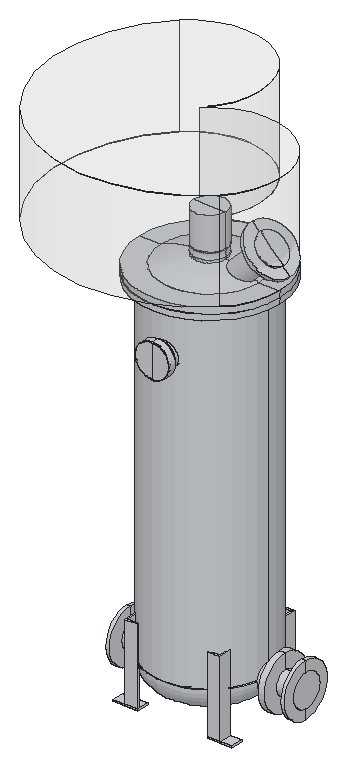
Revit family "Aquarevival_BSG20T", category Mechanical Equipment, Revit 2018
Family settings
  Round Connector Dimension = Use Diameter
  Part Type = Normal
  OmniClass Number = 23.75.00.00
  OmniClass Title = Climate Control (HVAC)
  Work Plane-Based = No
  Always vertical = Yes
  Cut with Voids When Loaded = No
  Shared = No
  Room Calculation Point = No
Parameters
  Panel Location (0-4) [instance] = 0
  Panel 4 [instance] = [Panel Location (0-4)] = 4  # no
  Panel 3 [instance] = [Panel Location (0-4)] = 3  # no
  Panel 2 [instance] = [Panel Location (0-4)] = 2  # no
  Panel 1 [instance] = not(or([Panel Location (0-4)] = 2, [Panel Location (0-4)] = 3, [Panel Location (0-4)] = 4, [Panel Location (0-4)] = 0))  # no
  Outlet = 0' - 4"
  Model = "BSG20T"
  Manufacturer = "Aqua Revival LLC"
  Keynote = ""
  Inlet = 0' - 4"
  Filter Discharge Rotation [instance] = 0.00°
  Filter Clearance Rotation [instance] = 0.00°
  Drain = 0' - 4"
  Description = "Regenerative Media Filter"
Reference planes (in)
  plane 1 "Center (Front/Back)": y = 0
  plane 2: z = 0
  plane 3 "Center (Left/Right)": x = 0
  plane 4: x = -10
Forms (in)
  Revolve 1, solid
    sketch origin (0, 0, 12) x (1, 0, 0) y (0, 0, 1)
      loop
        line (0, -10.57214) -> (0, 63.87048) -> (-2.75, 63.87048) -> (-2.75, 58.30798) -> (-2.75, 58.09977)
        arc (-2.75, 58.09977) -> (-2.69297, 57.55841) -> (-2.75, 57.01705) r 2.59779
        line (-2.75, 57.01705) -> (-2.75, 56.65019)
        arc (-2.75, 56.65019) -> (-5.62349, 56.03931) -> (-8.37789, 55.01786) r 20.1875
        line (-8.37789, 55.01786) -> (-12, 55.01786) -> (-12, 54.01786) -> (-11.69469, 54.01786) -> (-11.69469, 53.95536) -> (-12, 53.95536) -> (-12, 53.01786) -> (-10, 53.01786) -> (-10, -4.4293) -> (-9.9119, -4.48214) -> (-10, -4.56964)
        arc (-10, -4.56964) -> (-9.34415, -6.87456) -> (-7.55473, -8.46854) r 4.29186
        arc (-7.55473, -8.46854) -> (-3.89672, -9.94897) -> (0, -10.57214) r 17.5
      axis (0, 63.87048) -> (0, -10.57214)
    angle from 0 to 360
  Revolve 2, solid
    sketch origin (0, 0, 0) x (1, 0, 0) y (0, 0, 1)
      loop
        line (-14.12767, 5.39286) -> (0, 5.39286) -> (0, 7.39286) -> (-13.53767, 7.39286) -> (-13.53767, 9.89286) -> (-14.12767, 9.89286) -> (-14.12767, 5.39286)
      axis (-14.12767, 5.39286) -> (0, 5.39286)
    angle from 0 to 360
  Extrusion 3, solid
    sketch origin (0, 0, 0) x (0, 1, 0) y (0, 0, 1)
      loop
        circle (0, 5.39286) r 2.75
    from -14.26766 to -14.12767
  Revolve 4, solid
    sketch origin (0, 0, 0) x (1, 0, 0) y (0, 0, 1)
      loop
        line (16.36261, 7.51786) -> (16.36261, 12.01786) -> (15.77261, 12.01786) -> (15.77261, 9.51786) -> (12.89985, 9.51786) -> (12.89985, 12.01786) -> (11.89985, 12.01786) -> (11.89985, 9.76644) -> (7.96565, 9.76644) -> (7.96565, 7.51786) -> (16.36261, 7.51786)
      axis (16.36261, 7.51786) -> (7.96565, 7.51786)
    angle from 0 to 360
  Extrusion 5, solid
    sketch origin (0, 0, 0) x (0, 1, 0) y (0, 0, 1)
      loop
        circle (0, 7.51786) r 2.75
    from 16.36261 to 16.50261
  Revolve 6, solid
    sketch origin (0.02056, -52.99083, 12) x (0, 1, 0) y (0, 0, 1)
      loop
        line (40.62187, 45.49946) -> (44.12187, 45.49946) -> (44.12187, 47.76786) -> (42.49057, 47.76786) -> (42.39687, 47.86156) -> (42.39687, 48.01786) -> (41.87187, 48.01786) -> (41.87187, 48.41208) -> (40.71557, 48.41208) -> (40.62187, 48.31823) -> (40.62187, 45.49946)
      axis (40.62187, 45.49946) -> (44.12187, 45.49946)
    angle from 0 to 360
  Extrusion 7, solid
    sketch origin (0, 0, 0) x (1, 0, 0) y (0, 1, 0)
      loop
        line (-10.14172, 7.99172) -> (-10.14172, 5.83547) -> (-5.98547, 5.83547) -> (-5.98547, 7.99172) -> (-10.14172, 7.99172)
      loop
        line (5.98547, 7.99172) -> (5.98547, 5.83547) -> (10.14172, 5.83547) -> (10.14172, 7.99172) -> (5.98547, 7.99172)
      loop
        line (-10.14172, -5.83547) -> (-10.14172, -7.99172) -> (-5.98547, -7.99172) -> (-5.98547, -5.83547) -> (-10.14172, -5.83547)
      loop
        line (5.98547, -5.83547) -> (5.98547, -7.99172) -> (10.14172, -7.99172) -> (10.14172, -5.83547) -> (5.98547, -5.83547)
    from 0 to 0.25
  Extrusion 8, solid
    sketch origin (0, 0, 0) x (1, 0, 0) y (0, 1, 0)
      loop
        line (-5.99172, 7.99172) -> (-8.0636, 7.99172) -> (-8.0636, 5.83547) -> (-7.8136, 5.83547) -> (-7.8136, 7.74172) -> (-5.99172, 7.74172) -> (-5.99172, 7.99172)
      loop
        line (5.99172, 7.99172) -> (5.99172, 7.74172) -> (7.8136, 7.74172) -> (7.8136, 5.83547) -> (8.0636, 5.83547) -> (8.0636, 7.99172) -> (5.99172, 7.99172)
      loop
        line (-5.99172, -7.99172) -> (-5.99172, -7.74172) -> (-7.8136, -7.74172) -> (-7.8136, -5.83547) -> (-8.0636, -5.83547) -> (-8.0636, -7.99172) -> (-5.99172, -7.99172)
      loop
        line (5.99172, -7.99172) -> (8.0636, -7.99172) -> (8.0636, -5.83547) -> (7.8136, -5.83547) -> (7.8136, -7.74172) -> (5.99172, -7.74172) -> (5.99172, -7.99172)
    from 0 to 13.25
  Extrusion 9, solid, visible <- "Panel 1"
    sketch origin (0, 0, 12) x (1, 0, 0) y (0, 1, 0)
      loop
        line (-26.32299, -12.86214) -> (-26.32299, -13.11014) -> (-27.35099, -13.11014) -> (-27.35099, -13.77514)
        arc (-27.35099, -13.77514) -> (-27.30413, -13.88828) -> (-27.19099, -13.93514) r 0.16
        line (-27.19099, -13.93514) -> (-11.87099, -13.93514)
        arc (-11.87099, -13.93514) -> (-11.76846, -13.89267) -> (-11.72599, -13.79014) r 0.145
        line (-11.72599, -13.79014) -> (-11.72599, -13.11014) -> (-12.65099, -13.11014) -> (-12.65099, -12.86215) -> (-11.62098, -12.86215)
        arc (-11.62098, -12.86215) -> (-11.51852, -12.81975) -> (-11.47597, -12.71735) r 0.14501
        line (-11.47597, -12.71735) -> (-11.47597, -7.00721)
        arc (-11.47597, -7.00721) -> (-11.51845, -6.90466) -> (-11.62101, -6.86218) r 0.14504
        line (-11.62101, -6.86218) -> (-27.331, -6.86218)
        arc (-27.331, -6.86218) -> (-27.43352, -6.90464) -> (-27.47598, -7.00716) r 0.14498
        line (-27.47598, -7.00716) -> (-27.47598, -12.71714)
        arc (-27.47598, -12.71714) -> (-27.43351, -12.81967) -> (-27.33099, -12.86214) r 0.145
        line (-27.33099, -12.86214) -> (-26.32299, -12.86214)
    from 35.1762 to 51.1012
  Extrusion 10, solid, visible <- "Panel 1"
    sketch origin (0, 0, 12) x (1, 0, 0) y (0, 1, 0)
      loop
        line (-27.47599, -5.8444) -> (-27.47599, -6.86218) -> (-7.27396, -6.86218)
        arc (-7.27396, -6.86218) -> (-9.12609, -4.08834) -> (-9.96298, -0.85968) r 10
        line (-9.96298, -0.85968) -> (-27.47599, -5.8444)
    from 50.9012 to 51.1012
  Extrusion 11, solid, visible <- "Panel 1"
    sketch origin (0, 0, 12) x (0, 1, 0) y (0, 0, 1)
      loop
        line (-6.86218, 50.9012) -> (-6.86218, 49.53074) -> (-6.61218, 49.53074) -> (-6.61218, 50.9012) -> (-6.86218, 50.9012)
    from -27.47599 to -7.27396
  Extrusion 12, solid, visible <- "Panel 1"
    sketch origin (0, 0, 98.2774) x (0, -1, 0) y (-1, 0, 0)
      loop
        line (5.8444, 27.47599) -> (0.85968, 9.96298)
        arc (0.85968, 9.96298) -> (4.08834, 9.12609) -> (6.86218, 7.27396) r 10
        line (6.86218, 7.27396) -> (6.86218, 27.47599) -> (5.8444, 27.47599)
    from 50.9012 to 51.1012
  Extrusion 13, solid, visible <- "Panel 1"
    sketch origin (0, 0, 98.2774) x (0, 1, 0) y (0, 0, 1)
      loop
        line (-6.86218, -50.9012) -> (-6.61218, -50.9012) -> (-6.61218, -49.53074) -> (-6.86218, -49.53074) -> (-6.86218, -50.9012)
    from -27.47599 to -7.27396
  Revolve 14, solid, visible <- "Panel 1"
    sketch origin (-19.50206, -61.73911, 12) x (0, -1, 0) y (0, 0, 1)
      loop
        line (-45.98085, 39.52627) -> (-45.98085, 40.27627)
        arc (-45.98085, 40.27627) -> (-46.1273, 40.62983) -> (-46.48085, 40.77627) r 0.5
        line (-46.48085, 40.77627) -> (-46.60585, 40.77627) -> (-46.60585, 40.02627) -> (-47.35585, 40.02627) -> (-47.35585, 40.10855) -> (-47.60585, 40.10855) -> (-47.60585, 39.52627) -> (-45.98085, 39.52627)
      axis (-47.60585, 39.52627) -> (-45.98085, 39.52627)
    angle from 0 to 360
  Extrusion 15, solid, visible <- "Panel 2"
    sketch origin (0, 0, 12) x (-1, 0, 0) y (0, -1, 0)
      loop
        line (-26.32299, 12.86214) -> (-27.33099, 12.86214)
        arc (-27.33099, 12.86214) -> (-27.43351, 12.81967) -> (-27.47598, 12.71714) r 0.145
        line (-27.47598, 12.71714) -> (-27.47598, 7.00716)
        arc (-27.47598, 7.00716) -> (-27.43352, 6.90464) -> (-27.331, 6.86218) r 0.14498
        line (-27.331, 6.86218) -> (-11.62101, 6.86218)
        arc (-11.62101, 6.86218) -> (-11.51845, 6.90466) -> (-11.47597, 7.00721) r 0.14504
        line (-11.47597, 7.00721) -> (-11.47597, 12.71735)
        arc (-11.47597, 12.71735) -> (-11.51852, 12.81975) -> (-11.62098, 12.86215) r 0.14501
        line (-11.62098, 12.86215) -> (-12.65099, 12.86215) -> (-12.65099, 13.11014) -> (-11.72599, 13.11014) -> (-11.72599, 13.79014)
        arc (-11.72599, 13.79014) -> (-11.76846, 13.89267) -> (-11.87099, 13.93514) r 0.145
        line (-11.87099, 13.93514) -> (-27.19099, 13.93514)
        arc (-27.19099, 13.93514) -> (-27.30413, 13.88828) -> (-27.35099, 13.77514) r 0.16
        line (-27.35099, 13.77514) -> (-27.35099, 13.11014) -> (-26.32299, 13.11014) -> (-26.32299, 12.86214)
    from 35.1762 to 51.1012
  Extrusion 16, solid, visible <- "Panel 2"
    sketch origin (0, 0, 12) x (-1, 0, 0) y (0, -1, 0)
      loop
        line (-27.47599, 5.8444) -> (-9.96298, 0.85968)
        arc (-9.96298, 0.85968) -> (-9.12609, 4.08834) -> (-7.27396, 6.86218) r 10
        line (-7.27396, 6.86218) -> (-27.47599, 6.86218) -> (-27.47599, 5.8444)
    from 50.9012 to 51.1012
  Extrusion 17, solid, visible <- "Panel 2"
    sketch origin (0, 0, 12) x (0, 1, 0) y (0, 0, -1)
      loop
        line (-6.86218, -50.9012) -> (-6.61218, -50.9012) -> (-6.61218, -49.53074) -> (-6.86218, -49.53074) -> (-6.86218, -50.9012)
    from -27.47599 to -7.27396
  Extrusion 18, solid, visible <- "Panel 2"
    sketch origin (0, 0, 98.2774) x (0, 1, 0) y (1, 0, 0)
      loop
        line (-5.8444, 27.47599) -> (-6.86218, 27.47599) -> (-6.86218, 7.27396)
        arc (-6.86218, 7.27396) -> (-4.08834, 9.12609) -> (-0.85968, 9.96298) r 10
        line (-0.85968, 9.96298) -> (-5.8444, 27.47599)
    from 50.9012 to 51.1012
  Extrusion 19, solid, visible <- "Panel 2"
    sketch origin (0, 0, 98.2774) x (0, 1, 0) y (0, 0, -1)
      loop
        line (-6.86218, 50.9012) -> (-6.86218, 49.53074) -> (-6.61218, 49.53074) -> (-6.61218, 50.9012) -> (-6.86218, 50.9012)
    from -27.47599 to -7.27396
  Revolve 20, solid, visible <- "Panel 2"
    sketch origin (19.50206, -61.73911, 12) x (0, -1, 0) y (0, 0, -1)
      loop
        line (-45.98085, -39.52627) -> (-47.60585, -39.52627) -> (-47.60585, -40.10855) -> (-47.35585, -40.10855) -> (-47.35585, -40.02627) -> (-46.60585, -40.02627) -> (-46.60585, -40.77627) -> (-46.48085, -40.77627)
        arc (-46.48085, -40.77627) -> (-46.1273, -40.62983) -> (-45.98085, -40.27627) r 0.5
        line (-45.98085, -40.27627) -> (-45.98085, -39.52627)
      axis (-47.60585, -39.52627) -> (-45.98085, -39.52627)
    angle from 0 to 360
  Extrusion 21, solid, visible <- "Panel 4"
    sketch origin (0, 0, 12) x (1, 0, 0) y (0, 1, 0)
      loop
        line (-26.32299, 12.86214) -> (-27.33099, 12.86214)
        arc (-27.33099, 12.86214) -> (-27.43351, 12.81967) -> (-27.47598, 12.71714) r 0.145
        line (-27.47598, 12.71714) -> (-27.47598, 7.00716)
        arc (-27.47598, 7.00716) -> (-27.43352, 6.90464) -> (-27.331, 6.86218) r 0.14498
        line (-27.331, 6.86218) -> (-11.62101, 6.86218)
        arc (-11.62101, 6.86218) -> (-11.51845, 6.90466) -> (-11.47597, 7.00721) r 0.14504
        line (-11.47597, 7.00721) -> (-11.47597, 12.71735)
        arc (-11.47597, 12.71735) -> (-11.51852, 12.81975) -> (-11.62098, 12.86215) r 0.14501
        line (-11.62098, 12.86215) -> (-12.65099, 12.86215) -> (-12.65099, 13.11014) -> (-11.72599, 13.11014) -> (-11.72599, 13.79014)
        arc (-11.72599, 13.79014) -> (-11.76846, 13.89267) -> (-11.87099, 13.93514) r 0.145
        line (-11.87099, 13.93514) -> (-27.19099, 13.93514)
        arc (-27.19099, 13.93514) -> (-27.30413, 13.88828) -> (-27.35099, 13.77514) r 0.16
        line (-27.35099, 13.77514) -> (-27.35099, 13.11014) -> (-26.32299, 13.11014) -> (-26.32299, 12.86214)
    from 35.1762 to 51.1012
  Extrusion 22, solid, visible <- "Panel 4"
    sketch origin (0, 0, 12) x (1, 0, 0) y (0, 1, 0)
      loop
        line (-27.47599, 5.8444) -> (-9.96298, 0.85968)
        arc (-9.96298, 0.85968) -> (-9.12609, 4.08834) -> (-7.27396, 6.86218) r 10
        line (-7.27396, 6.86218) -> (-27.47599, 6.86218) -> (-27.47599, 5.8444)
    from 50.9012 to 51.1012
  Extrusion 23, solid, visible <- "Panel 4"
    sketch origin (0, 0, 12) x (0, -1, 0) y (0, 0, -1)
      loop
        line (-6.86218, -50.9012) -> (-6.61218, -50.9012) -> (-6.61218, -49.53074) -> (-6.86218, -49.53074) -> (-6.86218, -50.9012)
    from -27.47599 to -7.27396
  Extrusion 24, solid, visible <- "Panel 4"
    sketch origin (0, 0, 98.2774) x (0, -1, 0) y (-1, 0, 0)
      loop
        line (-5.8444, 27.47599) -> (-6.86218, 27.47599) -> (-6.86218, 7.27396)
        arc (-6.86218, 7.27396) -> (-4.08834, 9.12609) -> (-0.85968, 9.96298) r 10
        line (-0.85968, 9.96298) -> (-5.8444, 27.47599)
    from 50.9012 to 51.1012
  Extrusion 25, solid, visible <- "Panel 4"
    sketch origin (0, 0, 98.2774) x (0, -1, 0) y (0, 0, -1)
      loop
        line (-6.86218, 50.9012) -> (-6.86218, 49.53074) -> (-6.61218, 49.53074) -> (-6.61218, 50.9012) -> (-6.86218, 50.9012)
    from -27.47599 to -7.27396
  Revolve 26, solid, visible <- "Panel 4"
    sketch origin (-19.50206, 61.73911, 12) x (0, 1, 0) y (0, 0, -1)
      loop
        line (-45.98085, -39.52627) -> (-47.60585, -39.52627) -> (-47.60585, -40.10855) -> (-47.35585, -40.10855) -> (-47.35585, -40.02627) -> (-46.60585, -40.02627) -> (-46.60585, -40.77627) -> (-46.48085, -40.77627)
        arc (-46.48085, -40.77627) -> (-46.1273, -40.62983) -> (-45.98085, -40.27627) r 0.5
        line (-45.98085, -40.27627) -> (-45.98085, -39.52627)
      axis (-47.60585, -39.52627) -> (-45.98085, -39.52627)
    angle from 0 to 360
  Extrusion 27, solid, visible <- "Panel 3"
    sketch origin (0, 0, 12) x (-1, 0, 0) y (0, -1, 0)
      loop
        line (-26.32299, -12.86214) -> (-26.32299, -13.11014) -> (-27.35099, -13.11014) -> (-27.35099, -13.77514)
        arc (-27.35099, -13.77514) -> (-27.30413, -13.88828) -> (-27.19099, -13.93514) r 0.16
        line (-27.19099, -13.93514) -> (-11.87099, -13.93514)
        arc (-11.87099, -13.93514) -> (-11.76846, -13.89267) -> (-11.72599, -13.79014) r 0.145
        line (-11.72599, -13.79014) -> (-11.72599, -13.11014) -> (-12.65099, -13.11014) -> (-12.65099, -12.86215) -> (-11.62098, -12.86215)
        arc (-11.62098, -12.86215) -> (-11.51852, -12.81975) -> (-11.47597, -12.71735) r 0.14501
        line (-11.47597, -12.71735) -> (-11.47597, -7.00721)
        arc (-11.47597, -7.00721) -> (-11.51845, -6.90466) -> (-11.62101, -6.86218) r 0.14504
        line (-11.62101, -6.86218) -> (-27.331, -6.86218)
        arc (-27.331, -6.86218) -> (-27.43352, -6.90464) -> (-27.47598, -7.00716) r 0.14498
        line (-27.47598, -7.00716) -> (-27.47598, -12.71714)
        arc (-27.47598, -12.71714) -> (-27.43351, -12.81967) -> (-27.33099, -12.86214) r 0.145
        line (-27.33099, -12.86214) -> (-26.32299, -12.86214)
    from 35.1762 to 51.1012
  Extrusion 28, solid, visible <- "Panel 3"
    sketch origin (0, 0, 12) x (-1, 0, 0) y (0, -1, 0)
      loop
        line (-27.47599, -5.8444) -> (-27.47599, -6.86218) -> (-7.27396, -6.86218)
        arc (-7.27396, -6.86218) -> (-9.12609, -4.08834) -> (-9.96298, -0.85968) r 10
        line (-9.96298, -0.85968) -> (-27.47599, -5.8444)
    from 50.9012 to 51.1012
  Extrusion 29, solid, visible <- "Panel 3"
    sketch origin (0, 0, 12) x (0, -1, 0) y (0, 0, 1)
      loop
        line (-6.86218, 50.9012) -> (-6.86218, 49.53074) -> (-6.61218, 49.53074) -> (-6.61218, 50.9012) -> (-6.86218, 50.9012)
    from -27.47599 to -7.27396
  Extrusion 30, solid, visible <- "Panel 3"
    sketch origin (0, 0, 98.2774) x (0, 1, 0) y (1, 0, 0)
      loop
        line (5.8444, 27.47599) -> (0.85968, 9.96298)
        arc (0.85968, 9.96298) -> (4.08834, 9.12609) -> (6.86218, 7.27396) r 10
        line (6.86218, 7.27396) -> (6.86218, 27.47599) -> (5.8444, 27.47599)
    from 50.9012 to 51.1012
  Extrusion 31, solid, visible <- "Panel 3"
    sketch origin (0, 0, 98.2774) x (0, -1, 0) y (0, 0, 1)
      loop
        line (-6.86218, -50.9012) -> (-6.61218, -50.9012) -> (-6.61218, -49.53074) -> (-6.86218, -49.53074) -> (-6.86218, -50.9012)
    from -27.47599 to -7.27396
  Revolve 32, solid, visible <- "Panel 3"
    sketch origin (19.50206, 61.73911, 12) x (0, 1, 0) y (0, 0, 1)
      loop
        line (-45.98085, 39.52627) -> (-45.98085, 40.27627)
        arc (-45.98085, 40.27627) -> (-46.1273, 40.62983) -> (-46.48085, 40.77627) r 0.5
        line (-46.48085, 40.77627) -> (-46.60585, 40.77627) -> (-46.60585, 40.02627) -> (-47.35585, 40.02627) -> (-47.35585, 40.10855) -> (-47.60585, 40.10855) -> (-47.60585, 39.52627) -> (-45.98085, 39.52627)
      axis (-47.60585, 39.52627) -> (-45.98085, 39.52627)
    angle from 0 to 360
Cuts and joins
  joined: Revolve 4, Revolve 6
Lines and regions (in)
  reference lines
    curve 1: line (0, 0, 0) -> (19, 0, 0)
    curve 2: line (0, 0, 0) -> (0, 19, 0)
  model lines, visible <- "Panel 1"
    curve 3: line (-24.10438, -13.93514, 60.4586) -> (-15.72613, -13.93514, 60.4586)
    curve 4: line (-24.10438, -13.93514, 54.74134) -> (-24.10438, -13.93514, 60.4586)
    curve 5: line (-15.72613, -13.93514, 54.74134) -> (-24.10438, -13.93514, 54.74134)
    curve 6: line (-15.72613, -13.93514, 60.4586) -> (-15.72613, -13.93514, 54.74134)
    curve 7: line (-16.82471, -13.93514, 55.848) -> (-23.00581, -13.93514, 55.848)
    curve 8: line (-16.82471, -13.93514, 59.35194) -> (-16.82471, -13.93514, 55.848)
    curve 9: line (-23.00581, -13.93514, 59.35194) -> (-16.82471, -13.93514, 59.35194)
    curve 10: line (-23.00581, -13.93514, 55.848) -> (-23.00581, -13.93514, 59.35194)
    curve 11: arc (-13.97829, -13.93514, 55.65008) -> (-14.52947, -13.93514, 55.0989) -> (-13.97829, -13.93514, 54.54772) r 0.55118
    curve 12: arc (-13.97829, -13.93514, 54.54772) -> (-13.42711, -13.93514, 55.0989) -> (-13.97829, -13.93514, 55.65008) r 0.55118
    curve 13: arc (-13.97829, -13.93514, 54.66583) -> (-13.54522, -13.93514, 55.0989) -> (-13.97829, -13.93514, 55.53197) r 0.43307
    curve 14: arc (-13.97829, -13.93514, 55.53197) -> (-14.41136, -13.93514, 55.0989) -> (-13.97829, -13.93514, 54.66583) r 0.43307
    curve 15: arc (-13.97829, -13.93514, 55.42764) -> (-14.30703, -13.93514, 55.0989) -> (-13.97829, -13.93514, 54.77016) r 0.32874
    curve 16: arc (-13.97829, -13.93514, 54.77016) -> (-13.64955, -13.93514, 55.0989) -> (-13.97829, -13.93514, 55.42764) r 0.32874
    curve 17: line (-14.28839, -13.93514, 55.15402) -> (-13.66819, -13.93514, 55.15402)
    curve 18: line (-13.66819, -13.93514, 55.04378) -> (-14.28839, -13.93514, 55.04378)
  model lines, visible <- "Panel 2"
    curve 19: line (24.10438, -13.93514, 60.4586) -> (15.72613, -13.93514, 60.4586)
    curve 20: line (24.10438, -13.93514, 54.74134) -> (24.10438, -13.93514, 60.4586)
    curve 21: line (15.72613, -13.93514, 54.74134) -> (24.10438, -13.93514, 54.74134)
    curve 22: line (15.72613, -13.93514, 60.4586) -> (15.72613, -13.93514, 54.74134)
    curve 23: line (16.82471, -13.93514, 55.848) -> (23.00581, -13.93514, 55.848)
    curve 24: line (16.82471, -13.93514, 59.35194) -> (16.82471, -13.93514, 55.848)
    curve 25: line (23.00581, -13.93514, 59.35194) -> (16.82471, -13.93514, 59.35194)
    curve 26: line (23.00581, -13.93514, 55.848) -> (23.00581, -13.93514, 59.35194)
    curve 27: arc (13.97829, -13.93514, 55.65008) -> (14.52947, -13.93514, 55.0989) -> (13.97829, -13.93514, 54.54772) r 0.55118
    curve 28: arc (13.97829, -13.93514, 54.54772) -> (13.42711, -13.93514, 55.0989) -> (13.97829, -13.93514, 55.65008) r 0.55118
    curve 29: arc (13.97829, -13.93514, 54.66583) -> (13.54522, -13.93514, 55.0989) -> (13.97829, -13.93514, 55.53197) r 0.43307
    curve 30: arc (13.97829, -13.93514, 55.53197) -> (14.41136, -13.93514, 55.0989) -> (13.97829, -13.93514, 54.66583) r 0.43307
    curve 31: arc (13.97829, -13.93514, 55.42764) -> (14.30703, -13.93514, 55.0989) -> (13.97829, -13.93514, 54.77016) r 0.32874
    curve 32: arc (13.97829, -13.93514, 54.77016) -> (13.64955, -13.93514, 55.0989) -> (13.97829, -13.93514, 55.42764) r 0.32874
    curve 33: line (14.28839, -13.93514, 55.15402) -> (13.66819, -13.93514, 55.15402)
    curve 34: line (13.66819, -13.93514, 55.04378) -> (14.28839, -13.93514, 55.04378)
  model lines, visible <- "Panel 4"
    curve 35: line (-24.10438, 13.93514, 60.4586) -> (-15.72613, 13.93514, 60.4586)
    curve 36: line (-24.10438, 13.93514, 54.74134) -> (-24.10438, 13.93514, 60.4586)
    curve 37: line (-15.72613, 13.93514, 54.74134) -> (-24.10438, 13.93514, 54.74134)
    curve 38: line (-15.72613, 13.93514, 60.4586) -> (-15.72613, 13.93514, 54.74134)
    curve 39: line (-16.82471, 13.93514, 55.848) -> (-23.00581, 13.93514, 55.848)
    curve 40: line (-16.82471, 13.93514, 59.35194) -> (-16.82471, 13.93514, 55.848)
    curve 41: line (-23.00581, 13.93514, 59.35194) -> (-16.82471, 13.93514, 59.35194)
    curve 42: line (-23.00581, 13.93514, 55.848) -> (-23.00581, 13.93514, 59.35194)
    curve 43: arc (-13.97829, 13.93514, 55.65008) -> (-14.52947, 13.93514, 55.0989) -> (-13.97829, 13.93514, 54.54772) r 0.55118
    curve 44: arc (-13.97829, 13.93514, 54.54772) -> (-13.42711, 13.93514, 55.0989) -> (-13.97829, 13.93514, 55.65008) r 0.55118
    curve 45: arc (-13.97829, 13.93514, 54.66583) -> (-13.54522, 13.93514, 55.0989) -> (-13.97829, 13.93514, 55.53197) r 0.43307
    curve 46: arc (-13.97829, 13.93514, 55.53197) -> (-14.41136, 13.93514, 55.0989) -> (-13.97829, 13.93514, 54.66583) r 0.43307
    curve 47: arc (-13.97829, 13.93514, 55.42764) -> (-14.30703, 13.93514, 55.0989) -> (-13.97829, 13.93514, 54.77016) r 0.32874
    curve 48: arc (-13.97829, 13.93514, 54.77016) -> (-13.64955, 13.93514, 55.0989) -> (-13.97829, 13.93514, 55.42764) r 0.32874
    curve 49: line (-14.28839, 13.93514, 55.15402) -> (-13.66819, 13.93514, 55.15402)
    curve 50: line (-13.66819, 13.93514, 55.04378) -> (-14.28839, 13.93514, 55.04378)
  model lines, visible <- "Panel 3"
    curve 51: line (24.10438, 13.93514, 60.4586) -> (15.72613, 13.93514, 60.4586)
    curve 52: line (24.10438, 13.93514, 54.74134) -> (24.10438, 13.93514, 60.4586)
    curve 53: line (15.72613, 13.93514, 54.74134) -> (24.10438, 13.93514, 54.74134)
    curve 54: line (15.72613, 13.93514, 60.4586) -> (15.72613, 13.93514, 54.74134)
    curve 55: line (16.82471, 13.93514, 55.848) -> (23.00581, 13.93514, 55.848)
    curve 56: line (16.82471, 13.93514, 59.35194) -> (16.82471, 13.93514, 55.848)
    curve 57: line (23.00581, 13.93514, 59.35194) -> (16.82471, 13.93514, 59.35194)
    curve 58: line (23.00581, 13.93514, 55.848) -> (23.00581, 13.93514, 59.35194)
    curve 59: arc (13.97829, 13.93514, 55.65008) -> (14.52947, 13.93514, 55.0989) -> (13.97829, 13.93514, 54.54772) r 0.55118
    curve 60: arc (13.97829, 13.93514, 54.54772) -> (13.42711, 13.93514, 55.0989) -> (13.97829, 13.93514, 55.65008) r 0.55118
    curve 61: arc (13.97829, 13.93514, 54.66583) -> (13.54522, 13.93514, 55.0989) -> (13.97829, 13.93514, 55.53197) r 0.43307
    curve 62: arc (13.97829, 13.93514, 55.53197) -> (14.41136, 13.93514, 55.0989) -> (13.97829, 13.93514, 54.66583) r 0.43307
    curve 63: arc (13.97829, 13.93514, 55.42764) -> (14.30703, 13.93514, 55.0989) -> (13.97829, 13.93514, 54.77016) r 0.32874
    curve 64: arc (13.97829, 13.93514, 54.77016) -> (13.64955, 13.93514, 55.0989) -> (13.97829, 13.93514, 55.42764) r 0.32874
    curve 65: line (14.28839, 13.93514, 55.15402) -> (13.66819, 13.93514, 55.15402)
    curve 66: line (13.66819, 13.93514, 55.04378) -> (14.28839, 13.93514, 55.04378)
Dimensions and locks (in)
  "Filter Discharge Rotation": angle plane 1 "Center (Front/Back)" to curve 1
  "Filter Clearance Rotation": angle curve 2 to plane 3 "Center (Left/Right)"
  aligned and locked: level to plane 2
  aligned and locked: plane 3 "Center (Left/Right)" to curve 2
  aligned and locked: plane 1 "Center (Front/Back)" to curve 2
Automatic sketch dimensions
  plane 4 to Revolve 1 sketch curve = 0' - 0"  (x2)
  Revolve 1 sketch curve to plane 3 "Center (Left/Right)" = 0' - 0"  (x3)
  plane 4 to Revolve 1 sketch curve = 0' - 1.69469"
  Revolve 1 sketch curve to Revolve 1 sketch curve = 0' - 0.30531"
  Revolve 1 sketch curve to Revolve 1 sketch curve = 0' - 0"  (x2)
  Revolve 1 sketch curve to plane 4 = 0' - 0.0881"
  Revolve 1 sketch curve to plane 4 = 0' - 1.62211"
  Revolve 1 sketch curve to Revolve 1 sketch curve = 0' - 4.20369"
  Revolve 1 sketch curve to Revolve 1 sketch curve = 0' - 3.08714"
  Revolve 1 sketch curve to Revolve 1 sketch curve = 0' - 2 3/4"
  plane 3 "Center (Left/Right)" to Revolve 1 sketch curve = 0' - 0.79755"
  level to Revolve 1 sketch curve = 0' - 1.42786"
  level to Revolve 1 sketch curve = 0' - 7.40579"
  Revolve 1 sketch curve to Revolve 1 sketch curve = 0' - 0.02457"
  Revolve 1 sketch curve to Revolve 1 sketch curve = 0' - 0.0875"
  Revolve 1 sketch curve to Revolve 1 sketch curve = 0' - 0.05284"
  Revolve 1 sketch curve to Revolve 1 sketch curve = 0' - 11 129/256"
  Revolve 1 sketch curve to Revolve 1 sketch curve = 2' - 5.7412"
  Revolve 1 sketch curve to Revolve 1 sketch curve = 1' - 4.36698"
  Revolve 1 sketch curve to Revolve 1 sketch curve = 0' - 0 15/16"
  Revolve 1 sketch curve to Revolve 1 sketch curve = 0' - 0 1/16"
  Revolve 1 sketch curve to Revolve 1 sketch curve = 0' - 2"
  Revolve 1 sketch curve to Revolve 1 sketch curve = 0' - 1"
  Revolve 1 sketch curve to Revolve 1 sketch curve = 0' - 0.36686"
  Revolve 1 sketch curve to Revolve 1 sketch curve = 0' - 0.54136"
  Revolve 1 sketch curve to Revolve 1 sketch curve = 0' - 0.20821"
  Revolve 1 sketch curve to Revolve 1 sketch curve = 0' - 5 9/16"
  Revolve 1 sketch curve to Revolve 1 sketch curve = 0' - 6.63302"
  Revolve 1 sketch curve to Revolve 1 sketch curve = 0' - 3.36698"
  Revolve 2 sketch curve to plane 3 "Center (Left/Right)" = 0' - 0"
  plane 4 to Revolve 2 sketch curve = 0' - 3.53766"
  Revolve 2 sketch curve to Revolve 2 sketch curve = 0' - 0.59"
  level to Revolve 2 sketch curve = 0' - 5.39286"
  Revolve 2 sketch curve to Revolve 2 sketch curve = 0' - 2"  (x2)
  Revolve 2 sketch curve to Revolve 2 sketch curve = 0' - 2 1/2"
  Revolve 2 sketch curve to plane 4 = 0' - 2.62233"
  Revolve 2 sketch curve to plane 4 = 0' - 0.37233"
  Extrusion 3 sketch curve to plane 1 "Center (Front/Back)" = 0' - 0"
  level to Extrusion 3 sketch curve = 0' - 5.39286"
  plane 3 "Center (Left/Right)" to Revolve 4 sketch curve = 0' - 7.96565"
  Revolve 4 sketch curve to Revolve 4 sketch curve = 0' - 3.9342"
  Revolve 4 sketch curve to Revolve 4 sketch curve = 0' - 1"
  Revolve 4 sketch curve to Revolve 4 sketch curve = 0' - 2.87276"
  Revolve 4 sketch curve to Revolve 4 sketch curve = 0' - 0.59"
  level to Revolve 4 sketch curve = 0' - 7.51786"
  Revolve 4 sketch curve to Revolve 4 sketch curve = 0' - 2"  (x2)
  Revolve 4 sketch curve to Revolve 4 sketch curve = 0' - 0.24858"
  Revolve 4 sketch curve to Revolve 4 sketch curve = 0' - 2.25141"
  Revolve 4 sketch curve to Revolve 4 sketch curve = 0' - 2 1/2"
  Revolve 4 sketch curve to Revolve 4 sketch curve = 0' - 0 3/4"
  Revolve 4 sketch curve to Revolve 4 sketch curve = 0' - 0"
  Extrusion 5 sketch curve to plane 1 "Center (Front/Back)" = 0' - 0"
  level to Extrusion 5 sketch curve = 0' - 7.51786"
  plane 1 "Center (Front/Back)" to Revolve 6 sketch curve = 1' - 0.36896"
  Revolve 6 sketch curve to Revolve 6 sketch curve = 0' - 0.0937"  (x4)
  Revolve 6 sketch curve to Revolve 6 sketch curve = 0' - 1.1563"
  Revolve 6 sketch curve to Revolve 6 sketch curve = 0' - 0.525"
  Revolve 6 sketch curve to Revolve 6 sketch curve = 0' - 1.6313"
  level to Revolve 6 sketch curve = 4' - 9.49946"
  Revolve 6 sketch curve to Revolve 6 sketch curve = 0' - 2.26839"
  Revolve 6 sketch curve to Revolve 6 sketch curve = 0' - 0.1563"
  Revolve 6 sketch curve to Revolve 6 sketch curve = 0' - 0.30037"
  Revolve 6 sketch curve to Revolve 6 sketch curve = 0' - 0.09385"
  Revolve 6 sketch curve to Revolve 6 sketch curve = 0' - 1"
  Revolve 6 sketch curve to Revolve 6 sketch curve = 0' - 0"
  plane 4 to Extrusion 7 sketch curve = 0' - 0.14172"  (x2)
  Extrusion 7 sketch curve to plane 4 = 0' - 4.01453"  (x2)
  plane 3 "Center (Left/Right)" to Extrusion 7 sketch curve = 0' - 5.98547"  (x2)
  Extrusion 7 sketch curve to Extrusion 7 sketch curve = 0' - 4 5/32"  (x2)
  plane 1 "Center (Front/Back)" to Extrusion 7 sketch curve = 0' - 7.99172"  (x2)
  Extrusion 7 sketch curve to Extrusion 7 sketch curve = 0' - 2 5/32"  (x4)
  Extrusion 7 sketch curve to plane 1 "Center (Front/Back)" = 0' - 5.83547"  (x2)
  Extrusion 8 sketch curve to plane 4 = 0' - 1.9364"  (x2)
  Extrusion 8 sketch curve to Extrusion 8 sketch curve = 0' - 0 1/4"  (x8)
  Extrusion 8 sketch curve to Extrusion 8 sketch curve = 0' - 1.82187"  (x4)
  plane 3 "Center (Left/Right)" to Extrusion 8 sketch curve = 0' - 5.99172"  (x2)
  plane 1 "Center (Front/Back)" to Extrusion 8 sketch curve = 0' - 7.99172"  (x2)
  Extrusion 8 sketch curve to Extrusion 8 sketch curve = 0' - 1 29/32"  (x4)
  Extrusion 8 sketch curve to plane 1 "Center (Front/Back)" = 0' - 5.83547"  (x2)
  plane 1 "Center (Front/Back)" to Extrusion 9 sketch curve = 0' - 7.00716"
  plane 4 to Extrusion 9 sketch curve = 1' - 5.47598"
  Extrusion 9 sketch curve to Extrusion 9 sketch curve = 0' - 0 1/8"
  Extrusion 9 sketch curve to Extrusion 9 sketch curve = 0' - 0.14498"
  Extrusion 9 sketch curve to Extrusion 9 sketch curve = 0' - 0.145"  (x2)
  Extrusion 9 sketch curve to Extrusion 9 sketch curve = 0' - 0.16"
  Extrusion 9 sketch curve to Extrusion 9 sketch curve = 0' - 1.028"
  plane 4 to Extrusion 9 sketch curve = 0' - 2.65099"
  Extrusion 9 sketch curve to Extrusion 9 sketch curve = 0' - 0.78"
  plane 4 to Extrusion 9 sketch curve = 0' - 1.62101"
  Extrusion 9 sketch curve to Extrusion 9 sketch curve = 0' - 0.10501"
  Extrusion 9 sketch curve to Extrusion 9 sketch curve = 0' - 0.14501"
  Extrusion 9 sketch curve to Extrusion 9 sketch curve = 0' - 5.70992"
  Extrusion 9 sketch curve to Extrusion 9 sketch curve = 0' - 5.70998"
  Extrusion 9 sketch curve to Extrusion 9 sketch curve = 0' - 0.00021"
  Extrusion 9 sketch curve to Extrusion 9 sketch curve = 0' - 0.248"
  Extrusion 9 sketch curve to Extrusion 9 sketch curve = 0' - 0.24799"
  Extrusion 9 sketch curve to Extrusion 9 sketch curve = 0' - 0.665"
  plane 1 "Center (Front/Back)" to Extrusion 10 sketch curve = 0' - 0"
  Extrusion 10 sketch curve to plane 3 "Center (Left/Right)" = 0' - 0"
  Extrusion 10 sketch curve to plane 4 = 0' - 2.72604"
  Extrusion 10 sketch curve to plane 4 = 0' - 0.03702"
  plane 1 "Center (Front/Back)" to Extrusion 10 sketch curve = 0' - 5.8444"
  plane 4 to Extrusion 10 sketch curve = 1' - 5.47599"
  Extrusion 10 sketch curve to Extrusion 10 sketch curve = 0' - 1.01778"
  plane 1 "Center (Front/Back)" to Extrusion 11 sketch curve = 0' - 6.86218"
  Extrusion 11 sketch curve to Extrusion 11 sketch curve = 0' - 0 1/4"
  level to Extrusion 11 sketch curve = 5' - 1.53074"
  Extrusion 11 sketch curve to Extrusion 11 sketch curve = 0' - 1.37046"
  plane 1 "Center (Front/Back)" to Extrusion 12 sketch curve = 0' - 0"
  Extrusion 12 sketch curve to plane 3 "Center (Left/Right)" = 0' - 0"
  Extrusion 12 sketch curve to plane 4 = 0' - 0.03702"
  plane 1 "Center (Front/Back)" to Extrusion 12 sketch curve = 0' - 0.85968"
  plane 1 "Center (Front/Back)" to Extrusion 12 sketch curve = 0' - 5.8444"
  Extrusion 12 sketch curve to Extrusion 12 sketch curve = 0' - 1.01778"
  plane 4 to Extrusion 12 sketch curve = 1' - 5.47599"
  Extrusion 13 sketch curve to plane 1 "Center (Front/Back)" = 0' - 6.86218"
  Extrusion 13 sketch curve to Extrusion 13 sketch curve = 0' - 0 1/4"
  Extrusion 13 sketch curve to level = 4' - 0.74666"
  Extrusion 13 sketch curve to Extrusion 13 sketch curve = 0' - 1.37046"
  plane 1 "Center (Front/Back)" to Revolve 14 sketch curve = 1' - 2.13326"
  Revolve 14 sketch curve to Revolve 14 sketch curve = 0' - 0 1/4"  (x2)
  Revolve 14 sketch curve to Revolve 14 sketch curve = 0' - 0 3/4"
  Revolve 14 sketch curve to Revolve 14 sketch curve = 0' - 0 1/8"
  Revolve 14 sketch curve to Revolve 14 sketch curve = 0' - 0 5/8"
  level to Revolve 14 sketch curve = 4' - 3.52627"
  Revolve 14 sketch curve to Revolve 14 sketch curve = 0' - 0 1/2"  (x2)
  Revolve 14 sketch curve to Revolve 14 sketch curve = 0' - 0.08228"
  Revolve 14 sketch curve to Revolve 14 sketch curve = 0' - 0.57774"
  Revolve 14 sketch curve to Revolve 14 sketch curve = 0' - 0"  (x4)
  Revolve 14 sketch curve to Revolve 14 sketch curve = 0' - 0.35941"
  curve 11 to curve 12 = 0' - 0"  (x2)
  curve 11 to curve 13 = 0' - 0"  (x2)
  curve 11 to curve 14 = 0' - 0"  (x2)
  curve 11 to curve 15 = 0' - 0"  (x2)
  curve 11 to curve 16 = 0' - 0"  (x2)
  curve 12 to curve 13 = 0' - 0"  (x2)
  curve 12 to curve 14 = 0' - 0"  (x2)
  curve 12 to curve 15 = 0' - 0"  (x2)
  curve 12 to curve 16 = 0' - 0"  (x2)
  curve 13 to curve 14 = 0' - 0"  (x2)
  curve 13 to curve 15 = 0' - 0"  (x2)
  curve 13 to curve 16 = 0' - 0"  (x2)
  curve 14 to curve 15 = 0' - 0"  (x2)
  curve 14 to curve 16 = 0' - 0"  (x2)
  curve 15 to curve 16 = 0' - 0"  (x2)
  Extrusion 9 to curve 5 = 0' - 3.08661"
  curve 3 to curve 9 = 0' - 1.09858"
  curve 9 to Extrusion 9 = 0' - 4.95372"
  curve 7 to curve 5 = 0' - 1.09858"
  curve 5 to curve 13 = 0' - 1.74784"
  Extrusion 9 to curve 5 = 0' - 7.56514"
  curve 5 to curve 13 = 0' - 0.35756"
  curve 5 to curve 7 = 0' - 1.10666"
  curve 7 to curve 10 = 0' - 3.50394"
  curve 9 to curve 4 = 0' - 1.10666"
  curve 17 to curve 11 = 0' - 0.3101"
  curve 17 to curve 18 = 0' - 0"  (x2)
  curve 13 to curve 18 = 0' - 0.3101"
  curve 13 to curve 11 = 0' - 0.43307"
  curve 12 to curve 13 = 0' - 0.11811"
  curve 13 to curve 16 = 0' - 0.10433"
  curve 18 to curve 11 = 0' - 0.05512"
  curve 18 to curve 17 = 0' - 0.11024"
  Extrusion 15 sketch curve to plane 1 "Center (Front/Back)" = 0' - 7.00716"
  Extrusion 15 sketch curve to plane 3 "Center (Left/Right)" = 2' - 3.47598"
  Extrusion 15 sketch curve to Extrusion 15 sketch curve = 0' - 0 1/8"
  Extrusion 15 sketch curve to Extrusion 15 sketch curve = 0' - 0.14498"
  Extrusion 15 sketch curve to Extrusion 15 sketch curve = 0' - 0.145"  (x2)
  Extrusion 15 sketch curve to Extrusion 15 sketch curve = 0' - 0.16"
  Extrusion 15 sketch curve to Extrusion 15 sketch curve = 0' - 1.028"
  Extrusion 15 sketch curve to plane 3 "Center (Left/Right)" = 1' - 0.65099"
  Extrusion 15 sketch curve to Extrusion 15 sketch curve = 0' - 0.78"
  Extrusion 15 sketch curve to Extrusion 15 sketch curve = 0' - 1.02998"
  Extrusion 15 sketch curve to Extrusion 15 sketch curve = 0' - 0.10501"
  Extrusion 15 sketch curve to Extrusion 15 sketch curve = 0' - 0.14501"
  Extrusion 15 sketch curve to Extrusion 15 sketch curve = 0' - 5.70992"
  Extrusion 15 sketch curve to Extrusion 15 sketch curve = 0' - 5.70998"
  Extrusion 15 sketch curve to Extrusion 15 sketch curve = 0' - 0.00021"
  Extrusion 15 sketch curve to Extrusion 15 sketch curve = 0' - 0.248"
  Extrusion 15 sketch curve to Extrusion 15 sketch curve = 0' - 0.24799"
  Extrusion 15 sketch curve to Extrusion 15 sketch curve = 0' - 0.665"
  plane 1 "Center (Front/Back)" to Extrusion 16 sketch curve = 0' - 0"
  Extrusion 16 sketch curve to plane 3 "Center (Left/Right)" = 0' - 0"
  Extrusion 16 sketch curve to plane 3 "Center (Left/Right)" = 0' - 7.27396"
  Extrusion 16 sketch curve to plane 1 "Center (Front/Back)" = 0' - 0.85968"
  Extrusion 16 sketch curve to Extrusion 16 sketch curve = 0' - 2.68902"
  Extrusion 16 sketch curve to plane 1 "Center (Front/Back)" = 0' - 5.8444"
  Extrusion 16 sketch curve to Extrusion 16 sketch curve = 1' - 5.51301"
  plane 1 "Center (Front/Back)" to Extrusion 17 sketch curve = 0' - 6.86218"
  Extrusion 17 sketch curve to Extrusion 17 sketch curve = 0' - 0 1/4"
  level to Extrusion 17 sketch curve = 5' - 2.9012"
  Extrusion 17 sketch curve to Extrusion 17 sketch curve = 0' - 1.37046"
  plane 1 "Center (Front/Back)" to Extrusion 18 sketch curve = 0' - 0"
  Extrusion 18 sketch curve to plane 3 "Center (Left/Right)" = 0' - 0"
  plane 1 "Center (Front/Back)" to Extrusion 18 sketch curve = 0' - 0.85968"
  plane 1 "Center (Front/Back)" to Extrusion 18 sketch curve = 0' - 5.8444"
  Extrusion 18 sketch curve to Extrusion 18 sketch curve = 0' - 1.01778"
  plane 3 "Center (Left/Right)" to Extrusion 18 sketch curve = 0' - 7.27396"
  Extrusion 18 sketch curve to Extrusion 18 sketch curve = 1' - 5.51301"
  plane 1 "Center (Front/Back)" to Extrusion 19 sketch curve = 0' - 6.86218"
  Extrusion 19 sketch curve to Extrusion 19 sketch curve = 0' - 0 1/4"
  level to Extrusion 19 sketch curve = 4' - 0.74666"
  Extrusion 19 sketch curve to Extrusion 19 sketch curve = 0' - 1.37046"
  plane 1 "Center (Front/Back)" to Revolve 20 sketch curve = 1' - 2.13326"
  Revolve 20 sketch curve to Revolve 20 sketch curve = 0' - 0 1/4"  (x2)
  Revolve 20 sketch curve to Revolve 20 sketch curve = 0' - 0 3/4"  (x2)
  Revolve 20 sketch curve to Revolve 20 sketch curve = 0' - 0 1/8"
  Revolve 20 sketch curve to Revolve 20 sketch curve = 0' - 0 5/8"
  level to Revolve 20 sketch curve = 4' - 4.77627"
  Revolve 20 sketch curve to Revolve 20 sketch curve = 0' - 0 1/2"
  Revolve 20 sketch curve to Revolve 20 sketch curve = 0' - 0.16772"
  Revolve 20 sketch curve to Revolve 20 sketch curve = 0' - 0.57774"
  Revolve 20 sketch curve to Revolve 20 sketch curve = 0' - 0"  (x4)
  Revolve 20 sketch curve to Revolve 20 sketch curve = 0' - 0.35941"
  curve 27 to curve 28 = 0' - 0"  (x2)
  curve 27 to curve 29 = 0' - 0"  (x2)
  curve 27 to curve 30 = 0' - 0"  (x2)
  curve 27 to curve 31 = 0' - 0"  (x2)
  curve 27 to curve 32 = 0' - 0"  (x2)
  curve 28 to curve 29 = 0' - 0"  (x2)
  curve 28 to curve 30 = 0' - 0"  (x2)
  curve 28 to curve 31 = 0' - 0"  (x2)
  curve 28 to curve 32 = 0' - 0"  (x2)
  curve 29 to curve 30 = 0' - 0"  (x2)
  curve 29 to curve 31 = 0' - 0"  (x2)
  curve 29 to curve 32 = 0' - 0"  (x2)
  curve 30 to curve 31 = 0' - 0"  (x2)
  curve 30 to curve 32 = 0' - 0"  (x2)
  curve 31 to curve 32 = 0' - 0"  (x2)
  Extrusion 15 to curve 21 = 0' - 3.08661"
  curve 19 to curve 25 = 0' - 1.09858"
  curve 25 to Extrusion 15 = 0' - 4.95372"
  curve 23 to curve 21 = 0' - 1.09858"
  curve 21 to curve 29 = 0' - 1.74784"
  Extrusion 15 to curve 19 = 0' - 2.6426"
  curve 19 to curve 25 = 0' - 1.10666"
  curve 25 to curve 23 = 0' - 3.50394"
  curve 23 to curve 31 = 0' - 0.7491"
  curve 23 to curve 22 = 0' - 1.10666"
  curve 33 to curve 27 = 0' - 0.3101"
  curve 33 to curve 34 = 0' - 0"  (x2)
  curve 29 to curve 34 = 0' - 0.3101"
  curve 27 to curve 27 = 0' - 0.55118"
  curve 27 to curve 30 = 0' - 0.11811"
  curve 29 to curve 31 = 0' - 0.10433"
  curve 33 to curve 27 = 0' - 0.05512"
  curve 33 to curve 34 = 0' - 0.11024"
  plane 1 "Center (Front/Back)" to Extrusion 21 sketch curve = 0' - 7.00716"
  Extrusion 21 sketch curve to plane 4 = 1' - 5.47598"
  Extrusion 21 sketch curve to Extrusion 21 sketch curve = 0' - 0 1/8"
  Extrusion 21 sketch curve to Extrusion 21 sketch curve = 0' - 0.14498"
  Extrusion 21 sketch curve to Extrusion 21 sketch curve = 0' - 0.145"  (x2)
  Extrusion 21 sketch curve to Extrusion 21 sketch curve = 0' - 0.16"
  Extrusion 21 sketch curve to Extrusion 21 sketch curve = 0' - 1.028"
  Extrusion 21 sketch curve to plane 4 = 0' - 2.65099"
  Extrusion 21 sketch curve to Extrusion 21 sketch curve = 0' - 0.78"
  Extrusion 21 sketch curve to plane 4 = 0' - 1.62101"
  Extrusion 21 sketch curve to Extrusion 21 sketch curve = 0' - 0.10501"
  Extrusion 21 sketch curve to Extrusion 21 sketch curve = 0' - 0.14501"
  Extrusion 21 sketch curve to Extrusion 21 sketch curve = 0' - 5.70992"
  Extrusion 21 sketch curve to Extrusion 21 sketch curve = 0' - 5.70998"
  Extrusion 21 sketch curve to Extrusion 21 sketch curve = 0' - 0.00021"
  Extrusion 21 sketch curve to Extrusion 21 sketch curve = 0' - 0.248"
  Extrusion 21 sketch curve to Extrusion 21 sketch curve = 0' - 0.24799"
  Extrusion 21 sketch curve to Extrusion 21 sketch curve = 0' - 0.665"
  plane 1 "Center (Front/Back)" to Extrusion 22 sketch curve = 0' - 0"
  Extrusion 22 sketch curve to plane 3 "Center (Left/Right)" = 0' - 0"
  plane 4 to Extrusion 22 sketch curve = 0' - 2.72604"
  plane 4 to Extrusion 22 sketch curve = 0' - 0.03702"
  plane 1 "Center (Front/Back)" to Extrusion 22 sketch curve = 0' - 5.8444"
  Extrusion 22 sketch curve to plane 4 = 1' - 5.47599"
  Extrusion 22 sketch curve to Extrusion 22 sketch curve = 0' - 1.01778"
  plane 1 "Center (Front/Back)" to Extrusion 23 sketch curve = 0' - 6.86218"
  Extrusion 23 sketch curve to Extrusion 23 sketch curve = 0' - 0 1/4"
  Extrusion 23 sketch curve to level = 5' - 1.53074"
  Extrusion 23 sketch curve to Extrusion 23 sketch curve = 0' - 1.37046"
  plane 1 "Center (Front/Back)" to Extrusion 24 sketch curve = 0' - 0"
  Extrusion 24 sketch curve to plane 3 "Center (Left/Right)" = 0' - 0"
  Extrusion 24 sketch curve to plane 4 = 0' - 0.03702"
  Extrusion 24 sketch curve to plane 1 "Center (Front/Back)" = 0' - 0.85968"
  Extrusion 24 sketch curve to plane 1 "Center (Front/Back)" = 0' - 5.8444"
  Extrusion 24 sketch curve to Extrusion 24 sketch curve = 0' - 1.01778"
  plane 4 to Extrusion 24 sketch curve = 1' - 5.47599"
  Extrusion 25 sketch curve to plane 1 "Center (Front/Back)" = 0' - 6.86218"
  Extrusion 25 sketch curve to Extrusion 25 sketch curve = 0' - 0 1/4"
  level to Extrusion 25 sketch curve = 4' - 0.74666"
  Extrusion 25 sketch curve to Extrusion 25 sketch curve = 0' - 1.37046"
  Revolve 26 sketch curve to plane 1 "Center (Front/Back)" = 1' - 2.13326"
  Revolve 26 sketch curve to Revolve 26 sketch curve = 0' - 0 1/4"  (x2)
  Revolve 26 sketch curve to Revolve 26 sketch curve = 0' - 0 3/4"  (x2)
  Revolve 26 sketch curve to Revolve 26 sketch curve = 0' - 0 1/8"
  Revolve 26 sketch curve to Revolve 26 sketch curve = 0' - 0 5/8"
  level to Revolve 26 sketch curve = 4' - 4.77627"
  Revolve 26 sketch curve to Revolve 26 sketch curve = 0' - 0 1/2"
  Revolve 26 sketch curve to Revolve 26 sketch curve = 0' - 0.16772"
  Revolve 26 sketch curve to Revolve 26 sketch curve = 0' - 0.57774"
  Revolve 26 sketch curve to Revolve 26 sketch curve = 0' - 0"  (x4)
  Revolve 26 sketch curve to Revolve 26 sketch curve = 0' - 0.35941"
  curve 43 to curve 44 = 0' - 0"  (x2)
  curve 43 to curve 45 = 0' - 0"  (x2)
  curve 43 to curve 46 = 0' - 0"  (x2)
  curve 43 to curve 47 = 0' - 0"  (x2)
  curve 43 to curve 48 = 0' - 0"  (x2)
  curve 44 to curve 45 = 0' - 0"  (x2)
  curve 44 to curve 46 = 0' - 0"  (x2)
  curve 44 to curve 47 = 0' - 0"  (x2)
  curve 44 to curve 48 = 0' - 0"  (x2)
  curve 45 to curve 46 = 0' - 0"  (x2)
  curve 45 to curve 47 = 0' - 0"  (x2)
  curve 45 to curve 48 = 0' - 0"  (x2)
  curve 46 to curve 47 = 0' - 0"  (x2)
  curve 46 to curve 48 = 0' - 0"  (x2)
  curve 47 to curve 48 = 0' - 0"  (x2)
  Extrusion 21 to curve 37 = 0' - 3.08661"
  curve 35 to curve 41 = 0' - 1.09858"
  curve 41 to Extrusion 21 = 0' - 4.95372"
  curve 39 to curve 37 = 0' - 1.09858"
  curve 37 to curve 45 = 0' - 1.74784"
  Extrusion 21 to curve 35 = 0' - 2.6426"
  curve 35 to curve 41 = 0' - 1.10666"
  curve 41 to curve 39 = 0' - 3.50394"
  curve 39 to curve 47 = 0' - 0.7491"
  curve 39 to curve 38 = 0' - 1.10666"
  curve 49 to curve 43 = 0' - 0.3101"
  curve 50 to curve 49 = 0' - 0"  (x2)
  curve 45 to curve 50 = 0' - 0.3101"
  curve 43 to curve 43 = 0' - 0.55118"
  curve 43 to curve 46 = 0' - 0.11811"
  curve 45 to curve 47 = 0' - 0.10433"
  curve 49 to curve 43 = 0' - 0.05512"
  curve 49 to curve 50 = 0' - 0.11024"
  Extrusion 27 sketch curve to plane 1 "Center (Front/Back)" = 0' - 7.00716"
  plane 3 "Center (Left/Right)" to Extrusion 27 sketch curve = 2' - 3.47598"
  Extrusion 27 sketch curve to Extrusion 27 sketch curve = 0' - 0 1/8"
  Extrusion 27 sketch curve to Extrusion 27 sketch curve = 0' - 0.14498"
  Extrusion 27 sketch curve to Extrusion 27 sketch curve = 0' - 0.145"  (x2)
  Extrusion 27 sketch curve to Extrusion 27 sketch curve = 0' - 0.16"
  Extrusion 27 sketch curve to Extrusion 27 sketch curve = 0' - 1.028"
  plane 3 "Center (Left/Right)" to Extrusion 27 sketch curve = 1' - 0.65099"
  Extrusion 27 sketch curve to Extrusion 27 sketch curve = 0' - 0.78"
  Extrusion 27 sketch curve to Extrusion 27 sketch curve = 0' - 1.02998"
  Extrusion 27 sketch curve to Extrusion 27 sketch curve = 0' - 0.10501"
  Extrusion 27 sketch curve to Extrusion 27 sketch curve = 0' - 0.14501"
  Extrusion 27 sketch curve to Extrusion 27 sketch curve = 0' - 5.70992"
  Extrusion 27 sketch curve to Extrusion 27 sketch curve = 0' - 5.70998"
  Extrusion 27 sketch curve to Extrusion 27 sketch curve = 0' - 0.00021"
  Extrusion 27 sketch curve to Extrusion 27 sketch curve = 0' - 0.248"
  Extrusion 27 sketch curve to Extrusion 27 sketch curve = 0' - 0.24799"
  Extrusion 27 sketch curve to Extrusion 27 sketch curve = 0' - 0.665"
  plane 1 "Center (Front/Back)" to Extrusion 28 sketch curve = 0' - 0"
  Extrusion 28 sketch curve to plane 3 "Center (Left/Right)" = 0' - 0"
  plane 3 "Center (Left/Right)" to Extrusion 28 sketch curve = 0' - 7.27396"
  Extrusion 28 sketch curve to plane 1 "Center (Front/Back)" = 0' - 0.85968"
  Extrusion 28 sketch curve to Extrusion 28 sketch curve = 0' - 2.68902"
  Extrusion 28 sketch curve to plane 1 "Center (Front/Back)" = 0' - 5.8444"
  Extrusion 28 sketch curve to Extrusion 28 sketch curve = 1' - 5.51301"
  Extrusion 29 sketch curve to plane 1 "Center (Front/Back)" = 0' - 6.86218"
  Extrusion 29 sketch curve to Extrusion 29 sketch curve = 0' - 0 1/4"
  level to Extrusion 29 sketch curve = 5' - 1.53074"
  Extrusion 29 sketch curve to Extrusion 29 sketch curve = 0' - 1.37046"
  plane 1 "Center (Front/Back)" to Extrusion 30 sketch curve = 0' - 0"
  Extrusion 30 sketch curve to plane 3 "Center (Left/Right)" = 0' - 0"
  Extrusion 30 sketch curve to plane 1 "Center (Front/Back)" = 0' - 0.85968"
  Extrusion 30 sketch curve to plane 1 "Center (Front/Back)" = 0' - 5.8444"
  Extrusion 30 sketch curve to Extrusion 30 sketch curve = 0' - 1.01778"
  plane 3 "Center (Left/Right)" to Extrusion 30 sketch curve = 0' - 7.27396"
  Extrusion 30 sketch curve to Extrusion 30 sketch curve = 1' - 5.51301"
  Extrusion 31 sketch curve to plane 1 "Center (Front/Back)" = 0' - 6.86218"
  Extrusion 31 sketch curve to Extrusion 31 sketch curve = 0' - 0 1/4"
  level to Extrusion 31 sketch curve = 3' - 11.3762"
  Extrusion 31 sketch curve to Extrusion 31 sketch curve = 0' - 1.37046"
  Revolve 32 sketch curve to plane 1 "Center (Front/Back)" = 1' - 2.13326"
  Revolve 32 sketch curve to Revolve 32 sketch curve = 0' - 0 1/4"  (x2)
  Revolve 32 sketch curve to Revolve 32 sketch curve = 0' - 0 3/4"
  Revolve 32 sketch curve to Revolve 32 sketch curve = 0' - 0 1/8"
  Revolve 32 sketch curve to Revolve 32 sketch curve = 0' - 0 5/8"
  level to Revolve 32 sketch curve = 4' - 3.52627"
  Revolve 32 sketch curve to Revolve 32 sketch curve = 0' - 0 1/2"  (x2)
  Revolve 32 sketch curve to Revolve 32 sketch curve = 0' - 0.08228"
  Revolve 32 sketch curve to Revolve 32 sketch curve = 0' - 0.57774"
  Revolve 32 sketch curve to Revolve 32 sketch curve = 0' - 0"  (x4)
  Revolve 32 sketch curve to Revolve 32 sketch curve = 0' - 0.35941"
  curve 59 to curve 60 = 0' - 0"  (x2)
  curve 59 to curve 61 = 0' - 0"  (x2)
  curve 59 to curve 62 = 0' - 0"  (x2)
  curve 59 to curve 63 = 0' - 0"  (x2)
  curve 59 to curve 64 = 0' - 0"  (x2)
  curve 60 to curve 61 = 0' - 0"  (x2)
  curve 60 to curve 62 = 0' - 0"  (x2)
  curve 60 to curve 63 = 0' - 0"  (x2)
  curve 60 to curve 64 = 0' - 0"  (x2)
  curve 61 to curve 62 = 0' - 0"  (x2)
  curve 61 to curve 63 = 0' - 0"  (x2)
  curve 61 to curve 64 = 0' - 0"  (x2)
  curve 62 to curve 63 = 0' - 0"  (x2)
  curve 62 to curve 64 = 0' - 0"  (x2)
  curve 63 to curve 64 = 0' - 0"  (x2)
  Extrusion 27 to curve 53 = 0' - 3.08661"
  curve 51 to curve 57 = 0' - 1.09858"
  curve 57 to Extrusion 27 = 0' - 4.95372"
  curve 55 to curve 53 = 0' - 1.09858"
  curve 53 to curve 61 = 0' - 1.74784"
  Extrusion 27 to curve 53 = 0' - 7.56514"
  curve 53 to curve 61 = 0' - 0.35756"
  curve 53 to curve 55 = 0' - 1.10666"
  curve 55 to curve 58 = 0' - 3.50394"
  curve 57 to curve 52 = 0' - 1.10666"
  curve 65 to curve 59 = 0' - 0.3101"
  curve 66 to curve 65 = 0' - 0"  (x2)
  curve 61 to curve 66 = 0' - 0.3101"
  curve 61 to curve 59 = 0' - 0.43307"
  curve 60 to curve 61 = 0' - 0.11811"
  curve 61 to curve 64 = 0' - 0.10433"
  curve 66 to curve 59 = 0' - 0.05512"
  curve 66 to curve 65 = 0' - 0.11024"
  radius of Extrusion 3 sketch curve = 0' - 2 3/4"
  radius of Extrusion 5 sketch curve = 0' - 2 3/4"
Nested families (in)
  nested 1: "BSG20 - Clearance" at (0, 0, 12) x (0.7071, 0.7071, 0) z (0, 0, 1), type "BSG20 - Clearance"
  nested 2: "BSG20 - Discharge" at (0, 0, 12), type "BSG20 - Discharge"
Connectors (in)
  piping at (-14.12767, 0, 5.39286), diameter 4, driven by "Drain"
    settings: on cut or joined group of Revolve 4, Revolve 6, index 1, connector inside diameter 24", connector length 0' - 0", flow factor 0, pipe flow 0 GPM, pressure drop 0.00 psi, fitting loss kfactor 0, connector angle 0.00°, fixture units 0, engagement length 0' - 0", angle of deflection 0.00°, flow configuration 0, flow direction 0, fitting loss method 0, system type 7, joint type 0, gender type 0, connector reference index -1, connector utility 0, adjustable connector no, is connector primary yes, connector description ""
  piping at (16.36261, 0, 7.51786), diameter 4, driven by "Inlet"
    settings: on cut or joined group of Revolve 4, Revolve 6, index 2, connector inside diameter 24", connector length 0' - 0", flow factor 0, pipe flow 0 GPM, pressure drop 0.00 psi, fitting loss kfactor 0, connector angle 0.00°, fixture units 0, engagement length 0' - 0", angle of deflection 0.00°, flow configuration 0, flow direction 0, fitting loss method 0, system type 7, joint type 0, gender type 0, connector reference index -1, connector utility 0, adjustable connector no, is connector primary no, connector description ""
  piping at (10.51449, 0, 72.92909), diameter 4, driven by "Outlet"
    settings: on nested 2, index 3, connector inside diameter 24", connector length 0' - 0", flow factor 0, pipe flow 0 GPM, pressure drop 0.00 psi, fitting loss kfactor 0, connector angle 0.00°, fixture units 0, engagement length 0' - 0", angle of deflection 0.00°, flow configuration 0, flow direction 0, fitting loss method 0, system type 7, joint type 0, gender type 0, connector reference index -1, connector utility 0, adjustable connector no, is connector primary no, connector description ""
Definition of nested family "BSG20 - Clearance"
  Parameters (values of type "BSG20 - Clearance")
    Default Elevation = 4' - 0"
  Reference planes (in)
    plane 1 "Center (Front/Back)": y = 0
    plane 2: z = 0
    plane 3 "Center (Left/Right)": x = 0
  Forms (in)
    Extrusion 1, solid
      sketch origin (0, 0, 0) x (1, 0, 0) y (0, 1, 0)
        loop
          arc (0, 12) -> (12, 24) -> (0, 36) r 12
          arc (0, 36) -> (-24, 12) -> (0, -12) r 24
          arc (0, -12) -> (12, 0) -> (0, 12) r 12
      from 55 to 72.125
  Dimensions and locks (in)
    aligned and locked: level to plane 2
Definition of nested family "BSG20 - Discharge"
  Parameters (values of type "BSG20 - Discharge")
    Default Elevation = 4' - 0"
  Reference planes (in)
    plane 1 "Center (Front/Back)": y = 0
    plane 2: z = 0
    plane 3 "Center (Left/Right)": x = 0
  Forms (in)
    Revolve 1, solid
      sketch origin (0, 0, 0) x (1, 0, 0) y (0, 0, 1)
        loop
          line (10.61348, 61.02809) -> (8.66894, 62.97263) -> (8.56994, 62.87364) -> (7.33251, 64.11107) -> (6.91531, 63.69388) -> (8.68308, 61.92611) -> (2.12654, 55.36957) -> (3.54076, 53.95536) -> (10.61348, 61.02809)
        axis (10.61348, 61.02809) -> (3.54076, 53.95536)
      angle from 0 to 360
  Dimensions and locks (in)
    aligned and locked: level to plane 2
